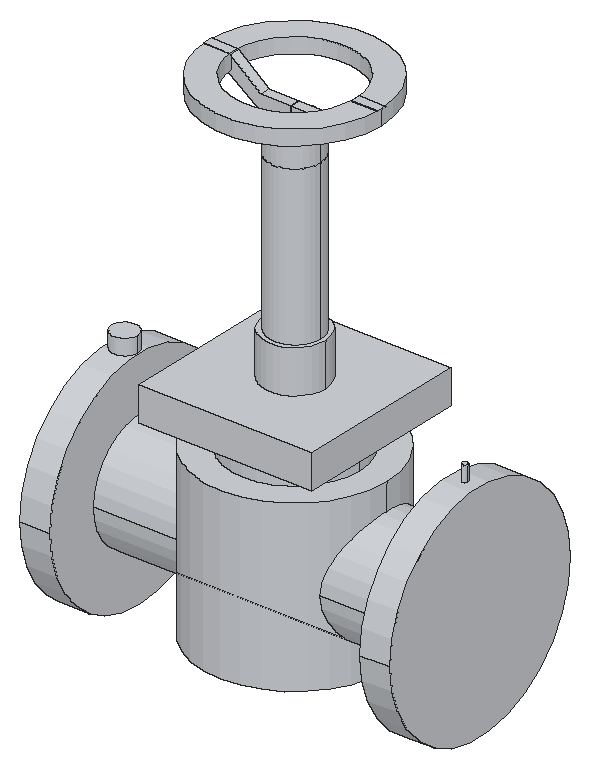
Revit family "Sigma_Compact_DN250-HF_PN16_RFA_2018", category Pipe Accessories, Revit 2018
Family settings
  Round Connector Dimension = Use Diameter
  Part Type = Valve - Breaks Into
  Work Plane-Based = No
  Always vertical = Yes
  Cut with Voids When Loaded = No
  Shared = No
Parameters (values of type "Sigma Compact DN 250 HF PN16")
  magiProductId = "baee3668eb0d4f168225ec1ed946f7"
  magiProductFamilyId = "01495da7eb234de3883c6bc9c8853e"
  magiPartTypeId = 304
  isMeasuringValve [instance] = no
  ang2D [instance] = 0.00°
  W2D = 50 mm
  VersionID = "2.0/2018.12.13.2/FRESE_SIGMA_C_BIG_Q13_001"
  Use Minimum Symbol Size [instance] = no
  URL = "www.hydronix.cz"
  Type Comments = "přírubový; PN16; max dp=800kPa; 0~+110°C; max uzavírací tlak 1MPa"
  R4 = 127.75 mm
  R3 = 115.44 mm
  R1 = 182.5 mm
  QmdConnectorList = "301;D;302;D"
  Productdata [instance] = ""
  Manufacturer = "Hydronix"
  Maintenance Zone Under Depth [instance] = 100 mm
  Maintenance Zone Right Depth [instance] = 100 mm
  Maintenance Zone Over Depth [instance] = 100 mm
  Maintenance Zone Left Depth [instance] = 100 mm
  Maintenance Zone Front Depth [instance] = 100 mm
  Maintenance Zone Back Depth [instance] = 100 mm
  Maintenance Zone Front Visibility [instance] = no
  MC Use Limits From Balancing Method = no
  MC Throttling Minimum Value = 0
  MC Throttling Maximum Value = 0
  MC Product Code = "53-2417 DN250; PN16; (245000-600000 l/h); kvs=717"
  MC Pressure Drop Minimum Value = 0.0 Pa
  MC Pressure Drop Maximum Value = 0.0 Pa
  MC Piping Given Pressure Drop [instance] = 0.0 Pa
  LF__ve = -LF  # -58.4 mm
  LF2 = 29.2 mm
  LF = 58.4 mm
  L432 = 60.042 mm
  L43 = 120.085 mm
  L42 = 171.55 mm
  L4 = 343.1 mm
  L3 = 613.2 mm
  L2D_Min = 30.48 mm
  L2D = 230 mm
  L2 = 365 mm
  HH12 = 29 mm
  HH1 = 58 mm
  HDF__ve = -HDF  # -462 mm
  HDF = 462 mm
  H6 = 85 mm
  H4 = 66.6 mm
  H3 = 55.5 mm
  H2 = 166.5 mm
  H11 = 333 mm
  H1 = 1044 mm
  H = 906 mm
  Description = "Automatický vyvažovací ventil"
  DF2 = 222 mm
  D = 250 mm
  Clearance Zone Height Depth [instance] = 100 mm
  Clearance Zone Circular Radius [instance] = 365 mm
  Clearance Zone Visibility [instance] = no
  CAT0 = yes
Types (9, lengths in mm): name | magiProductId | Type Comments | R4 | R3 | R1 | MC Product Code | LF__ve | LF2 | LF | L432 | L43 | L42 | L4 | L3 | L2 | HH12 | HH1 | HDF__ve | HDF | H4 | H3 | H2 | H11 | H1 | H | DF2 | D | Clearance Zone Circular Radius
  Sigma Compact DN 050 HF PN16 | "68e8ec0e285d475ea5c3f8787337ca" | "přírubový; PN16; max dp=800kPa; 0~+120°C; max uzavírací tlak 1MPa" | 40.25 | 42.9 | 57.5 | "53-2410 DN50; PN16; (3920-24000 l/h); kvs=34" | -18.4 | 9.2 | 18.4 | 18.917 | 37.835 | 54.05 | 108.1 | 193.2 | 115 | 16.5 | 33 | -202 | 202 | 24.75 | 20.625 | 61.875 | 123.75 | 480 | 367 | 82.5 | 50 | 115
  Sigma Compact DN 065 HF PN16 | "93d22af618bf47d6be13ef3bd41a97" | "přírubový; PN16; max dp=800kPa; 0~+120°C; max uzavírací tlak 1MPa" | 50.75 | 48.1 | 72.5 | "53-2411 DN65; PN16; (5950-35000 l/h); kvs=47" | -23.2 | 11.6 | 23.2 | 23.853 | 47.705 | 68.15 | 136.3 | 243.6 | 145 | 16.5 | 33 | -199 | 199 | 27.75 | 23.125 | 69.375 | 138.75 | 497 | 384 | 92.5 | 65 | 145
  Sigma Compact DN 080 HF PN16 | "30d16928369c437789493110503824" | "přírubový; PN16; max dp=800kPa; 0~+120°C; max uzavírací tlak 1MPa" | 54.25 | 52 | 77.5 | "53-2412 DN80; PN16; (7020-43000 l/h); kvs=61" | -24.8 | 12.4 | 24.8 | 25.497 | 50.995 | 72.85 | 145.7 | 260.4 | 155 | 16.5 | 33 | -213 | 213 | 30 | 25 | 75 | 150 | 526 | 413 | 100 | 80 | 155
  Sigma Compact DN 100 HF PN16 | "cbc2fc0a341c4a2b87b0bcbf79c376" | "přírubový; PN16; max dp=800kPa; 0~+120°C; max uzavírací tlak 1MPa" | 61.25 | 61.1 | 87.5 | "53-2413 DN100; PN16; (14800-90000 l/h); kvs=104" | -28 | 14 | 28 | 28.788 | 57.575 | 82.25 | 164.5 | 294 | 175 | 34 | 68 | -331 | 331 | 35.25 | 29.375 | 88.125 | 176.25 | 714 | 566 | 117.5 | 100 | 175
  Sigma Compact DN 125 HF PN16 | "02452206f7594718b3d97e4e693144" | "přírubový; PN16; max dp=800kPa; 0~+120°C; max uzavírací tlak 1MPa" | 70 | 70.2 | 100 | "53-2414 DN125; PN16; (23000-135000 l/h); kvs=185" | -32 | 16 | 32 | 32.9 | 65.8 | 94 | 188 | 336 | 200 | 36.5 | 73 | -338 | 338 | 40.5 | 33.75 | 101.25 | 202.5 | 761 | 608 | 135 | 125 | 200
  Sigma Compact DN 150 HF PN16 | "2e5d0064e2dd45fa818d7fb779c9a5" | "přírubový; PN16; max dp=800kPa; 0~+110°C; max uzavírací tlak 1MPa" | 84 | 74.1 | 120 | "53-2415 DN150; PN16; (32000-195000 l/h); kvs=242" | -38.4 | 19.2 | 38.4 | 39.48 | 78.96 | 112.8 | 225.6 | 403.2 | 240 | 13 | 26 | -391 | 391 | 42.75 | 35.625 | 106.875 | 213.75 | 782 | 676 | 142.5 | 150 | 240
  Sigma Compact DN 200 HF PN16 | "9690c155034b41f3a54554dedb5edf" | "přírubový; PN16; max dp=800kPa; 0~+110°C; max uzavírací tlak 1MPa" | 105 | 98.8 | 150 | "53-2416 DN200; PN16; (130000-280000 l/h); kvs=317" | -48 | 24 | 48 | 49.35 | 98.7 | 141 | 282 | 504 | 300 | 29.5 | 59 | -334 | 334 | 57 | 47.5 | 142.5 | 285 | 853 | 714 | 190 | 200 | 300
  Sigma Compact DN 250 HF PN16 | "baee3668eb0d4f168225ec1ed946f7" | "přírubový; PN16; max dp=800kPa; 0~+110°C; max uzavírací tlak 1MPa" | 127.75 | 115.44 | 182.5 | "53-2417 DN250; PN16; (245000-600000 l/h); kvs=717" | -58.4 | 29.2 | 58.4 | 60.042 | 120.085 | 171.55 | 343.1 | 613.2 | 365 | 29 | 58 | -462 | 462 | 66.6 | 55.5 | 166.5 | 333 | 1044 | 906 | 222 | 250 | 365
  Sigma Compact DN 300 HF PN16 | "f903017b03a74a7ebca8b59c0516bf" | "přírubový; PN16; max dp=800kPa; 0~+110°C; max uzavírací tlak 1MPa" | 148.75 | 135.2 | 212.5 | "53-2418 DN300; PN16; (245000-600000 l/h); kvs=717" | -68 | 34 | 68 | 69.912 | 139.825 | 199.75 | 399.5 | 714 | 425 | 29 | 58 | -424 | 424 | 78 | 65 | 195 | 390 | 1082 | 944 | 260 | 300 | 425
Reference planes
  plane 1 "Center (Front/Back)": y = 0
  plane 2 "XYPLANE": z = 0
  plane 3 "Center (Left/Right)": x = 0
  plane 4 "298": y = -322
  plane 5 "297": y = 322
  plane 6 "296": y = -222
  plane 7 "295": y = 222
  plane 8 "294": z = -322
  plane 9 "293": z = 922
  plane 10 "292": x = -465
  plane 11 "291": x = 465
  plane 12 "290": z = 922
  plane 13 "256": y = -20
  plane 14 "254": z = 703
  plane 15 "253": z = 713
  plane 16 "252": x = -40
  plane 17 "251": x = -30
  plane 18 "250": x = 40
  plane 19 "249": x = 30
  plane 20 "247": z = 373.6
  plane 21 "244": z = 684
  plane 22 "243": x = 171.55
  plane 23 "242": x = 120.085
  plane 24 "241": x = 60.042
  plane 25 "240": y = -10
  plane 26 "238": x = -60.042
  plane 27 "237": x = -120.085
  plane 28 "236": z = 742
  plane 29 "235": z = 772
  plane 30 "234": x = -171.55
  plane 31 "225": z = 822
  plane 32 "224": z = -222
  plane 33 "157": x = 335.8
  plane 34 "156": x = -335.8
  plane 35 "155": z = 222
  plane 36 "154": z = 288.6
  plane 37 "153": z = 222
  plane 38 "152": z = 166.5
  plane 39 "151": x = -306.6
  plane 40 "150": z = -166.5
  plane 41 "149": x = 0
  plane 42 "148": y = 0
  plane 43 "147": z = 0
  plane 44 "146": x = -365
  plane 45 "145": x = 365
Forms (mm)
  Blend 1, solid, visible <- "Maintenance Zone Front Visibility"
    base sketch origin (-750, 0, 922) x (1, 0, 0) y (0, 1, 0)
      loop
        line (285, 322) -> (285, -322) -> (1215, -322) -> (1215, 322) -> (285, 322)
    top sketch origin (-750, 0, 922) x (1, 0, 0) y (0, 1, 0)
      loop
        line (285, 322) -> (285, -322) -> (1215, -322) -> (1215, 322) -> (285, 322)
    from 0 to -1244
  Blend 2, solid, visible <- "Clearance Zone Visibility"
    base sketch origin (-750, 0, 0) x (1, 0, 0) y (0, 1, 0)
      loop
        circle (750, 0) r 365
    top sketch origin (-750, 0, 0) x (1, 0, 0) y (0, 1, 0)
      loop
        circle (750, 0) r 365
    from 0 to 922
  Extrusion 3, solid
    sketch origin (-750, 0, 684) x (1, 0, 0) y (0, 1, 0)
      loop
        circle (750, 0) r 51.125
    from 0 to -462 <- "HDF__ve"
  Extrusion 4, solid
    sketch origin (-750, 0, 373.6) x (1, 0, 0) y (0, 1, 0)
      loop
        line (780, 20) -> (720, 20) -> (720, -20) -> (780, -20) -> (780, 20)
    from 0 to 25
  Extrusion 5, solid
    sketch origin (750, -20, 0) x (-1, 0, 0) y (0, 0, 1)
      loop
        line (790, 373.6) -> (790, 713) -> (710, 713) -> (710, 373.6) -> (720, 373.6) -> (720, 703) -> (780, 703) -> (780, 373.6) -> (790, 373.6)
    from 0 to 40
  Extrusion 6, solid
    sketch origin (-750, 0, 373.6) x (1, 0, 0) y (0, 1, 0)
      loop
        circle (750, 0) r 25
    from 0 to 30
  Extrusion 7, solid
    sketch origin (750, -10, 0) x (-1, 0, 0) y (0, 0, 1)
      loop
        line (870.085, 822) -> (810.042, 772) -> (750, 772) -> (750, 742) -> (810.042, 742) -> (921.55, 822) -> (870.085, 822)
    from 0 to 20
  Extrusion 8, solid
    sketch origin (750, -10, 0) x (-1, 0, 0) y (0, 0, 1)
      loop
        line (629.915, 822) -> (578.45, 822) -> (689.958, 742) -> (750, 742) -> (750, 772) -> (689.958, 772) -> (629.915, 822)
    from 0 to 20
  Extrusion 9, solid
    sketch origin (-750, 0, 684) x (1, 0, 0) y (0, 1, 0)
      loop
        circle (750, 0) r 51.125
    from 0 to 58 <- "HH1"
  Extrusion 10, solid
    sketch origin (-750, 0, 822) x (1, 0, 0) y (0, 1, 0)
      loop
        circle (750, 0) r 171.55
      loop
        circle (750, 0) r 120.085
    from 0 to -30
  Extrusion 11, solid, visible <- "CAT0"
    sketch origin (-750, 0, 222) x (1, 0, 0) y (0, 1, 0)
      loop
        circle (1085.8, 0) r 5.5
    from 0 to 30
  Extrusion 12, solid, visible <- "CAT0"
    sketch origin (-750, 0, 222) x (1, 0, 0) y (0, 1, 0)
      loop
        circle (414.2, 0) r 25.5
    from 0 to 30
  Extrusion 13, solid, visible <- "CAT0"
    sketch origin (-750, 0, 288.6) x (1, 0, 0) y (0, 1, 0)
      loop
        circle (750, 0) r 61.125
    from 0 to 85 <- "H6"
  Extrusion 14, solid, visible <- "CAT0"
    sketch origin (-750, 0, 222) x (1, 0, 0) y (0, 1, 0)
      loop
        line (921.55, 171.55) -> (578.45, 171.55) -> (578.45, -171.55) -> (921.55, -171.55) -> (921.55, 171.55)
    from 0 to 66.6 <- "H4"
  Extrusion 15, solid, visible <- "CAT0"
    sketch origin (-750, 0, 166.5) x (1, 0, 0) y (0, 1, 0)
      loop
        circle (750, 0) r 127.75
    from 0 to 55.5 <- "H3"
  Extrusion 16, solid, visible <- "CAT0"
    sketch origin (-306.6, -750, 0) x (0, 1, 0) y (0, 0, 1)
      loop
        circle (750, 0) r 115.44
    from 0 to 613.2 <- "L3"
  Extrusion 17, solid, visible <- "CAT0"
    sketch origin (-750, 0, -166.5) x (1, 0, 0) y (0, 1, 0)
      loop
        circle (750, 0) r 182.5
    from 0 to 333 <- "H11"
  Extrusion 18, solid, visible <- "CAT0"
    sketch origin (-365, -750, 0) x (0, 1, 0) y (0, 0, 1)
      loop
        circle (750, 0) r 222
    from 0 to 58.4 <- "LF"
  Extrusion 19, solid, visible <- "CAT0"
    sketch origin (365, -750, 0) x (0, 1, 0) y (0, 0, 1)
      loop
        circle (750, 0) r 222
    from 0 to -58.4 <- "LF__ve"
  Extrusion 20, solid, not visible
    sketch origin (-365, -750, 0) x (0, 1, 0) y (0, 0, 1)
      loop
        circle (750, 0) r 10
    from 0 to 10
  Extrusion 21, solid, not visible
    sketch origin (365, -750, 0) x (0, 1, 0) y (0, 0, 1)
      loop
        circle (750, 0) r 10
    from 0 to -10
Lines and regions (mm)
  reference lines, not visible
    curve 1: circle (2, 2, 0) r 1 normal (0, 0, 1)
  reference lines
    curve 2: circle (0, 0, 222) r 1 normal (0, 0, 1)
Dimensions and locks
  plane 1 "Center (Front/Back)" to curve 1 = 2 mm
  "Maintenance Zone Front Depth": plane 6 "296" to plane 4 "298"
  "Maintenance Zone Back Depth": plane 7 "295" to plane 5 "297"
  "DF2": plane 42 "148" to plane 6 "296"
  "DF2": plane 42 "148" to plane 7 "295"
  "Maintenance Zone Under Depth": plane 32 "224" to plane 8 "294"
  "Maintenance Zone Over Depth": plane 31 "225" to plane 9 "293"
  "Maintenance Zone Left Depth": plane 44 "146" to plane 10 "292"
  "Maintenance Zone Right Depth": plane 45 "145" to plane 11 "291"
  "Clearance Zone Height Depth": plane 31 "225" to plane 12 "290"
  locked: plane 25 "240" to plane 13 "256" at 10
  locked: plane 15 "253" to plane 14 "254" at 10
  "HH12": plane 21 "244" to plane 15 "253"
  locked: plane 17 "251" to plane 16 "252" at 10
  locked: plane 41 "149" to plane 17 "251" at 30
  locked: plane 19 "249" to plane 18 "250" at 10
  locked: plane 41 "149" to plane 19 "249" at 30
  "H6": plane 36 "154" to plane 20 "247"
  "H": plane 32 "224" to plane 21 "244"
  "L42": plane 41 "149" to plane 22 "243"
  "L43": plane 41 "149" to plane 23 "242"
  "L432": plane 41 "149" to plane 24 "241"
  locked: plane 42 "148" to plane 25 "240" at 10
  "L432": plane 41 "149" to plane 26 "238"
  "L43": plane 41 "149" to plane 27 "237"
  locked: plane 29 "235" to plane 28 "236" at 30
  locked: plane 31 "225" to plane 29 "235" at 50
  "L42": plane 41 "149" to plane 30 "234"
  "H1": plane 32 "224" to plane 31 "225"
  "DF2": plane 2 "XYPLANE" to plane 32 "224"
  "LF2": plane 45 "145" to plane 33 "157"
  "LF2": plane 44 "146" to plane 34 "156"
  "DF2": plane 2 "XYPLANE" to plane 35 "155"
  "H4": plane 37 "153" to plane 36 "154"
  "H3": plane 38 "152" to plane 37 "153"
  "H11": plane 40 "150" to plane 38 "152"
  "LF": plane 44 "146" to plane 39 "151"
  "H2": plane 2 "XYPLANE" to plane 40 "150"
  locked: plane 3 "Center (Left/Right)" to plane 41 "149"
  locked: plane 1 "Center (Front/Back)" to plane 42 "148"
  locked: plane 2 "XYPLANE" to plane 43 "147"
  "L2": plane 3 "Center (Left/Right)" to plane 44 "146"
  "L2": plane 3 "Center (Left/Right)" to plane 45 "145"
  Blend 1 sketch curve to Blend 1 sketch curve = 0 mm  (x16)
  Extrusion 4 sketch curve to Extrusion 4 sketch curve = 0 mm  (x8)
  Extrusion 5 sketch curve to Extrusion 5 sketch curve = 0 mm  (x16)
  Extrusion 7 sketch curve to Extrusion 7 sketch curve = 0 mm  (x12)
  Extrusion 8 sketch curve to Extrusion 8 sketch curve = 0 mm  (x12)
  equal spacing: Extrusion 14 sketch curve, curve 2, Extrusion 14 sketch curve  (x2)
  "L4": Extrusion 14 sketch curve to Extrusion 14 sketch curve  (x2)
  Extrusion 14 sketch curve to Extrusion 14 sketch curve = 0 mm  (x8)
  "Clearance Zone Circular Radius": radius of Blend 2 sketch curve  (x2)
  "L42": radius of Extrusion 10 sketch curve
  "L43": radius of Extrusion 10 sketch curve
  "R4": radius of Extrusion 15 sketch curve
  "R3": radius of Extrusion 16 sketch curve
  "R1": radius of Extrusion 17 sketch curve
  "DF2": radius of Extrusion 18 sketch curve
  "DF2": radius of Extrusion 19 sketch curve
  aligned and locked: level to plane 2 "XYPLANE"
  aligned and locked: Blend 1 sketch curve to plane 5 "297"  (x2)
  aligned and locked: plane 10 "292" to Blend 1 sketch curve  (x4)
  aligned and locked: plane 11 "291" to Blend 1 sketch curve  (x4)
  aligned and locked: plane 5 "297" to Blend 1 sketch curve  (x2)
  aligned and locked: plane 4 "298" to Blend 1 sketch curve  (x4)
  aligned and locked: Blend 1 to plane 8 "294"
  aligned and locked: plane 41 "149" to Blend 2 sketch curve  (x2)
  aligned and locked: plane 42 "148" to Blend 2 sketch curve  (x2)
  aligned and locked: plane 12 "290" to Blend 2
  aligned and locked: plane 41 "149" to Extrusion 3 sketch curve
  aligned and locked: plane 42 "148" to Extrusion 3 sketch curve
  aligned and locked: Extrusion 5 sketch curve to plane 16 "252"
  aligned and locked: plane 20 "247" to Extrusion 5 sketch curve  (x4)
  aligned and locked: plane 15 "253" to Extrusion 5 sketch curve  (x2)
  aligned and locked: plane 16 "252" to Extrusion 5 sketch curve
  aligned and locked: plane 18 "250" to Extrusion 5 sketch curve  (x2)
  aligned and locked: plane 19 "249" to Extrusion 5 sketch curve  (x2)
  aligned and locked: plane 14 "254" to Extrusion 5 sketch curve  (x2)
  aligned and locked: plane 17 "251" to Extrusion 5 sketch curve  (x2)
  aligned and locked: plane 41 "149" to Extrusion 6 sketch curve
  aligned and locked: plane 42 "148" to Extrusion 6 sketch curve
  aligned and locked: plane 27 "237" to Extrusion 7 sketch curve
  aligned and locked: plane 31 "225" to Extrusion 7 sketch curve  (x2)
  aligned and locked: plane 26 "238" to Extrusion 7 sketch curve  (x2)
  aligned and locked: plane 29 "235" to Extrusion 7 sketch curve  (x2)
  aligned and locked: plane 41 "149" to Extrusion 7 sketch curve  (x2)
  aligned and locked: plane 28 "236" to Extrusion 7 sketch curve  (x2)
  aligned and locked: plane 30 "234" to Extrusion 7 sketch curve
  aligned and locked: plane 23 "242" to Extrusion 8 sketch curve
  aligned and locked: plane 31 "225" to Extrusion 8 sketch curve  (x2)
  aligned and locked: plane 24 "241" to Extrusion 8 sketch curve  (x2)
  aligned and locked: plane 29 "235" to Extrusion 8 sketch curve  (x2)
  aligned and locked: plane 41 "149" to Extrusion 8 sketch curve  (x2)
  aligned and locked: plane 28 "236" to Extrusion 8 sketch curve  (x2)
  aligned and locked: plane 22 "243" to Extrusion 8 sketch curve
  aligned and locked: plane 41 "149" to Extrusion 9 sketch curve
  aligned and locked: plane 42 "148" to Extrusion 9 sketch curve
  aligned and locked: plane 41 "149" to Extrusion 10 sketch curve  (x2)
  aligned and locked: plane 42 "148" to Extrusion 10 sketch curve  (x2)
  aligned and locked: plane 33 "157" to Extrusion 11 sketch curve
  aligned and locked: plane 42 "148" to Extrusion 11 sketch curve
  aligned and locked: plane 34 "156" to Extrusion 12 sketch curve
  aligned and locked: plane 42 "148" to Extrusion 12 sketch curve
  aligned and locked: plane 41 "149" to Extrusion 13 sketch curve
  aligned and locked: plane 42 "148" to Extrusion 13 sketch curve
  aligned and locked: plane 41 "149" to curve 2
  aligned and locked: plane 42 "148" to curve 2
  aligned and locked: plane 41 "149" to Extrusion 15 sketch curve
  aligned and locked: plane 42 "148" to Extrusion 15 sketch curve
  aligned and locked: Extrusion 16 sketch curve to plane 42 "148"
  aligned and locked: plane 43 "147" to Extrusion 16 sketch curve
  aligned and locked: plane 41 "149" to Extrusion 17 sketch curve
  aligned and locked: plane 42 "148" to Extrusion 17 sketch curve
  aligned and locked: Extrusion 18 sketch curve to plane 42 "148"
  aligned and locked: plane 43 "147" to Extrusion 18 sketch curve
  aligned and locked: Extrusion 19 sketch curve to plane 42 "148"
  aligned and locked: plane 43 "147" to Extrusion 19 sketch curve
  aligned and locked: Extrusion 20 sketch curve to plane 42 "148"
  aligned and locked: plane 43 "147" to Extrusion 20 sketch curve
  aligned and locked: Extrusion 21 sketch curve to plane 42 "148"
  aligned and locked: plane 43 "147" to Extrusion 21 sketch curve
Automatic sketch dimensions
  plane 26 "238" to Extrusion 3 sketch curve = 8.917 mm
  Extrusion 4 sketch curve to plane 17 "251" = 0 mm
  Extrusion 4 sketch curve to plane 13 "256" = 0 mm
  Extrusion 4 sketch curve to plane 19 "249" = 0 mm
  Extrusion 4 sketch curve to plane 1 "Center (Front/Back)" = 20 mm
  plane 17 "251" to Extrusion 6 sketch curve = 5 mm
  plane 26 "238" to Extrusion 9 sketch curve = 8.917 mm
  Extrusion 11 sketch curve to plane 33 "157" = 5.5 mm
  plane 44 "146" to Extrusion 12 sketch curve = 3.7 mm
  Extrusion 13 sketch curve to plane 26 "238" = 1.083 mm
  Extrusion 20 sketch curve to plane 25 "240" = 0 mm
  Extrusion 21 sketch curve to plane 25 "240" = 0 mm
  plane 3 "Center (Left/Right)" to curve 1 = 2 mm
  Extrusion 14 sketch curve to plane 30 "234" = 0 mm
  plane 6 "296" to Extrusion 14 sketch curve = 50.45 mm
  radius of curve 2 = 1 mm
  radius of curve 1 = 1 mm
Connectors
  piping at (-365, 0, 0), diameter 250, driven by "D"
    settings: on Extrusion 20, index 1, connector inside diameter 609.6 mm, connector length 0 mm, flow factor 0, pipe flow 0.0 L/s, pressure drop 0.0 Pa, fitting loss kfactor 0, connector angle 0.00°, fixture units 0, engagement length 0 mm, angle of deflection 0.00°, flow configuration 0, flow direction 0, fitting loss method 0, system type 29, joint type 0, gender type 0, connector reference index 2, connector utility 0, adjustable connector no, is connector primary yes, connector description ""
  piping at (365, 0, 0), diameter 250, driven by "D"
    settings: on Extrusion 21, index 2, connector inside diameter 609.6 mm, connector length 0 mm, flow factor 0, pipe flow 0.0 L/s, pressure drop 0.0 Pa, fitting loss kfactor 0, connector angle 0.00°, fixture units 0, engagement length 0 mm, angle of deflection 0.00°, flow configuration 0, flow direction 0, fitting loss method 0, system type 29, joint type 0, gender type 0, connector reference index 1, connector utility 0, adjustable connector no, is connector primary no, connector description ""
